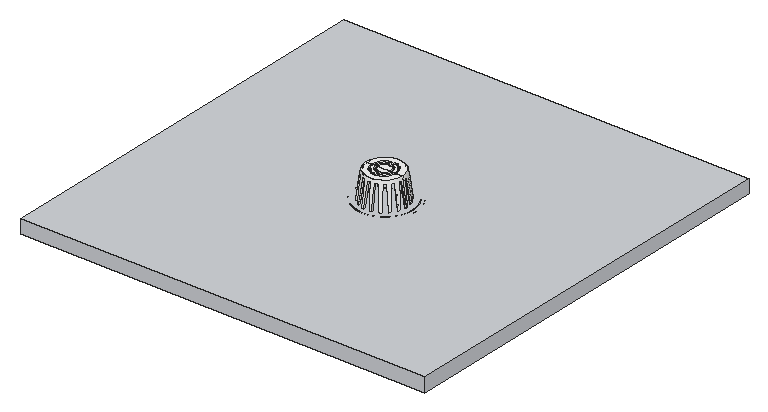
Revit family
Parameters (values of type "2"")
  WFU = 0
  URL = "WWW.MIFAB.COM"
  Top Assembly Diameter = 15.000"
  Pipe Radius = 1.000"
  Model = "F1820"
  Manufacturer = "MIFAB"
  Floor Drain Material = Paint - Sherwin Williams Paint - #952C2A - Bellwood Red
  Description = "LARGE FREE AREA PLANTING AREA DRAIN"
  Default Elevation = 0.000"
  Body Height = 6.125"
  Assembly Code = ""
Types (7): name | Pipe Radius | Body Height
  (no name) | 1.000" | 6.125"
  2" | 1.000" | 6.125"
  3" | 1.500" | 6.125"
  4" | 2.000" | 6.125"
  5" | 2.500" | 6.125"
  6" | 3.000" | 8.000"
  8" | 4.000" | 8.000"
Reference planes (in)
  plane 1 "Center (Front/Back)": y = 0
  plane 2: z = 0
  plane 3 "Center (Left/Right)": x = 0
  plane 4: x = -7.5
  plane 5: x = 7.5
  plane 6: z = -6.375
  plane 7: x = 1
  plane 8: x = -1
  plane 9: z = -4.875
  plane 10: z = -0.25
  plane 11: y = -7.5
  plane 12: y = 7.5
  plane 13: x = 4.1
  plane 14: x = -4.1
  plane 15: z = -1.25
  plane 16: z = 6.35
  plane 17: x = 6.75
  plane 18: x = -6.75
  plane 19: x = -5.25
  plane 20: x = 5.25
  plane 21: y = 0.8
  plane 22: y = -0.8
  plane 23: x = -8.5
Forms (in)
  Extrusion 1, solid
    sketch origin (0, 0, 0) x (1, 0, 0) y (0, 1, 0)
      loop
        line (-48, 48) -> (-48, -48) -> (48, -48) -> (48, 48) -> (-48, 48)
    from 0 to -3.24069
  Revolve 2, solid, material "Paint - Sherwin Williams Paint - #952C2A - Bellwood Red" <- "Floor Drain Material"
    sketch origin (0, 0, 0) x (1, 0, 0) y (0, 0, 1)
      loop
        line (6.75, 0) -> (3.98319, 0) -> (3.98319, -1.2944) -> (3.92466, -4.76487) -> (0.88988, -4.76487) -> (0.88988, -6.218) -> (0, -6.218) -> (0, -6.375) -> (1, -6.375) -> (1, -4.875) -> (4.03977, -4.875) -> (4.1, -1.25) -> (4.1, -0.5) -> (7.5, -0.5) -> (7.5, -0.25) -> (6.75, -0.25) -> (6.75, 0)
      axis (0, -6.375) -> (0, 0)
    angle from 0 to 360
  Revolve 3, solid, material "Paint - Sherwin Williams Paint - #952C2A - Bellwood Red" <- "Floor Drain Material"
    sketch origin (0, 0, 0) x (1, 0, 0) y (0, 0, 1)
      loop
        line (5.25, 0) -> (4.35757, 6.35) -> (0, 6.35) -> (0, 6.15315) -> (4.1707, 6.15315) -> (5.03547, 0) -> (5.25, 0)
      axis (0, 0) -> (0, 6.35)
    angle from 0 to 360
  Extrusion 4, void
    sketch origin (0, 0, 0) x (-0.939693, -0.34202, 0) y (0, 0, -1)
      loop
        arc (-0.38996, -5.43495) -> (0, -5.7508) -> (0.38996, -5.43495) r 0.39865
        line (0.38996, -5.43495) -> (0.64735, 0) -> (-0.64735, 0) -> (-0.38996, -5.43495)
    from 3.04184 to 5.72941
  Extrusion 5, void
    sketch origin (0, 0, 0) x (0.766044, 0.642788, 0) y (0, 0, 1)
      loop
        line (-0.38996, 5.43495) -> (-0.64735, 0) -> (0.64735, 0) -> (0.38996, 5.43495)
        arc (0.38996, 5.43495) -> (0, 5.7508) -> (-0.38996, 5.43495) r 0.39865
    from 3.04184 to 5.72941
  Extrusion 6, void
    sketch origin (0, 0, 0) x (0.173648, -0.984808, 0) y (0, 0, -1)
      loop
        arc (-0.38996, -5.43495) -> (0, -5.7508) -> (0.38996, -5.43495) r 0.39865
        line (0.38996, -5.43495) -> (0.64735, 0) -> (-0.64735, 0) -> (-0.38996, -5.43495)
    from 3.04184 to 5.72941
  Extrusion 7, void
    sketch origin (0, 0, 0) x (0.173648, 0.984808, 0) y (0, 0, 1)
      loop
        line (-0.38996, 5.43495) -> (-0.64735, 0) -> (0.64735, 0) -> (0.38996, 5.43495)
        arc (0.38996, 5.43495) -> (0, 5.7508) -> (-0.38996, 5.43495) r 0.39865
    from 3.04184 to 5.72941
  Extrusion 8, void
    sketch origin (0, 0, 0) x (-0.5, -0.866025, 0) y (0, 0, -1)
      loop
        arc (-0.38996, -5.43495) -> (0, -5.7508) -> (0.38996, -5.43495) r 0.39865
        line (0.38996, -5.43495) -> (0.64735, 0) -> (-0.64735, 0) -> (-0.38996, -5.43495)
    from 3.04184 to 5.72941
  Extrusion 9, void
    sketch origin (0, 0, 0) x (0.766044, 0.642788, 0) y (0, 0, -1)
      loop
        arc (-0.38996, -5.43495) -> (0, -5.7508) -> (0.38996, -5.43495) r 0.39865
        line (0.38996, -5.43495) -> (0.64735, 0) -> (-0.64735, 0) -> (-0.38996, -5.43495)
    from 3.04184 to 5.72941
  Extrusion 10, void
    sketch origin (0, 0, 0) x (-0.939693, -0.34202, 0) y (0, 0, 1)
      loop
        line (-0.38996, 5.43495) -> (-0.64735, 0) -> (0.64735, 0) -> (0.38996, 5.43495)
        arc (0.38996, 5.43495) -> (0, 5.7508) -> (-0.38996, 5.43495) r 0.39865
    from 3.04184 to 5.72941
  Extrusion 11, void
    sketch origin (0, 0, 0) x (-0.5, 0.866025, 0) y (0, 0, 1)
      loop
        line (-0.38996, 5.43495) -> (-0.64735, 0) -> (0.64735, 0) -> (0.38996, 5.43495)
        arc (0.38996, 5.43495) -> (0, 5.7508) -> (-0.38996, 5.43495) r 0.39865
    from 3.04184 to 5.72941
  Extrusion 12, void
    sketch origin (0, 0, 0) x (0.766044, -0.642788, 0) y (0, 0, -1)
      loop
        arc (-0.38996, -5.43495) -> (0, -5.7508) -> (0.38996, -5.43495) r 0.39865
        line (0.38996, -5.43495) -> (0.64735, 0) -> (-0.64735, 0) -> (-0.38996, -5.43495)
    from 3.04184 to 5.72941
  Extrusion 13, void
    sketch origin (0, 0, 0) x (-0.939693, 0.34202, 0) y (0, 0, 1)
      loop
        line (-0.38996, 5.43495) -> (-0.64735, 0) -> (0.64735, 0) -> (0.38996, 5.43495)
        arc (0.38996, 5.43495) -> (0, 5.7508) -> (-0.38996, 5.43495) r 0.39865
    from 3.04184 to 5.72941
  Extrusion 14, void
    sketch origin (0, 0, 0) x (-0.5, -0.866025, 0) y (0, 0, 1)
      loop
        line (-0.38996, 5.43495) -> (-0.64735, 0) -> (0.64735, 0) -> (0.38996, 5.43495)
        arc (0.38996, 5.43495) -> (0, 5.7508) -> (-0.38996, 5.43495) r 0.39865
    from 3.04184 to 5.72941
  Extrusion 15, void
    sketch origin (0, 0, 0) x (0.173648, 0.984808, 0) y (0, 0, -1)
      loop
        arc (-0.38996, -5.43495) -> (0, -5.7508) -> (0.38996, -5.43495) r 0.39865
        line (0.38996, -5.43495) -> (0.64735, 0) -> (-0.64735, 0) -> (-0.38996, -5.43495)
    from 3.04184 to 5.72941
  Extrusion 16, void
    sketch origin (0, 0, 0) x (-0.5, 0.866025, 0) y (0, 0, -1)
      loop
        arc (-0.38996, -5.43495) -> (0, -5.7508) -> (0.38996, -5.43495) r 0.39865
        line (0.38996, -5.43495) -> (0.64735, 0) -> (-0.64735, 0) -> (-0.38996, -5.43495)
    from 3.04184 to 5.72941
  Extrusion 17, void
    sketch origin (0, 0, 0) x (0.173648, -0.984808, 0) y (0, 0, 1)
      loop
        line (-0.38996, 5.43495) -> (-0.64735, 0) -> (0.64735, 0) -> (0.38996, 5.43495)
        arc (0.38996, 5.43495) -> (0, 5.7508) -> (-0.38996, 5.43495) r 0.39865
    from 3.04184 to 5.72941
  Extrusion 18, void
    sketch origin (0, 0, 0) x (0.766044, -0.642788, 0) y (0, 0, 1)
      loop
        line (-0.38996, 5.43495) -> (-0.64735, 0) -> (0.64735, 0) -> (0.38996, 5.43495)
        arc (0.38996, 5.43495) -> (0, 5.7508) -> (-0.38996, 5.43495) r 0.39865
    from 3.04184 to 5.72941
  Extrusion 19, void
    sketch origin (0, 0, 0) x (-0.939693, 0.34202, 0) y (0, 0, -1)
      loop
        arc (-0.38996, -5.43495) -> (0, -5.7508) -> (0.38996, -5.43495) r 0.39865
        line (0.38996, -5.43495) -> (0.64735, 0) -> (-0.64735, 0) -> (-0.38996, -5.43495)
    from 3.04184 to 5.72941
  Extrusion 20, void
    sketch origin (0, 0, 0) x (1, 0, 0) y (0, 1, 0)
      loop
        line (1.48984, 0.17431) -> (1.99239, 0.17431)
        arc (1.99239, 0.17431) -> (1.41421, 1.41421) -> (0.17431, 1.99239) r 2
        line (0.17431, 1.99239) -> (0.17431, 1.48984)
        arc (0.17431, 1.48984) -> (1.06066, 1.06066) -> (1.48984, 0.17431) r 1.5
      loop
        line (2.49392, 0.17431) -> (2.99493, 0.17431)
        arc (2.99493, 0.17431) -> (2.12132, 2.12132) -> (0.17431, 2.99493) r 3
        line (0.17431, 2.99493) -> (0.17431, 2.49392)
        arc (0.17431, 2.49392) -> (1.76777, 1.76777) -> (2.49392, 0.17431) r 2.5
      loop
        arc (-1.48984, 0.17431) -> (-1.06066, 1.06066) -> (-0.17431, 1.48984) r 1.5
        line (-0.17431, 1.48984) -> (-0.17431, 1.99239)
        arc (-0.17431, 1.99239) -> (-1.41421, 1.41421) -> (-1.99239, 0.17431) r 2
        line (-1.99239, 0.17431) -> (-1.48984, 0.17431)
      loop
        arc (-2.49392, 0.17431) -> (-1.76777, 1.76777) -> (-0.17431, 2.49392) r 2.5
        line (-0.17431, 2.49392) -> (-0.17431, 2.99493)
        arc (-0.17431, 2.99493) -> (-2.12132, 2.12132) -> (-2.99493, 0.17431) r 3
        line (-2.99493, 0.17431) -> (-2.49392, 0.17431)
      loop
        arc (1.48984, -0.17431) -> (1.06066, -1.06066) -> (0.17431, -1.48984) r 1.5
        line (0.17431, -1.48984) -> (0.17431, -1.99239)
        arc (0.17431, -1.99239) -> (1.41421, -1.41421) -> (1.99239, -0.17431) r 2
        line (1.99239, -0.17431) -> (1.48984, -0.17431)
      loop
        arc (2.49392, -0.17431) -> (1.76777, -1.76777) -> (0.17431, -2.49392) r 2.5
        line (0.17431, -2.49392) -> (0.17431, -2.99493)
        arc (0.17431, -2.99493) -> (2.12132, -2.12132) -> (2.99493, -0.17431) r 3
        line (2.99493, -0.17431) -> (2.49392, -0.17431)
      loop
        line (-1.48984, -0.17431) -> (-1.99239, -0.17431)
        arc (-1.99239, -0.17431) -> (-1.41421, -1.41421) -> (-0.17431, -1.99239) r 2
        line (-0.17431, -1.99239) -> (-0.17431, -1.48984)
        arc (-0.17431, -1.48984) -> (-1.06066, -1.06066) -> (-1.48984, -0.17431) r 1.5
      loop
        line (-2.49392, -0.17431) -> (-2.99493, -0.17431)
        arc (-2.99493, -0.17431) -> (-2.12132, -2.12132) -> (-0.17431, -2.99493) r 3
        line (-0.17431, -2.99493) -> (-0.17431, -2.49392)
        arc (-0.17431, -2.49392) -> (-1.76777, -1.76777) -> (-2.49392, -0.17431) r 2.5
    from 6.15315 to 6.35
  Extrusion 21, void
    sketch origin (0, 0, 0) x (-1, 0, 0) y (0, 0, -1)
      loop
        arc (-0.38996, -5.43495) -> (0, -5.7508) -> (0.38996, -5.43495) r 0.39865
        line (0.38996, -5.43495) -> (0.64735, 0) -> (-0.64735, 0) -> (-0.38996, -5.43495)
    from 3.04184 to 5.72941
  Extrusion 22, void
    sketch origin (0, 0, 0) x (-1, 0, 0) y (0, 0, 1)
      loop
        line (-0.38996, 5.43495) -> (-0.64735, 0) -> (0.64735, 0) -> (0.38996, 5.43495)
        arc (0.38996, 5.43495) -> (0, 5.7508) -> (-0.38996, 5.43495) r 0.39865
    from 3.04184 to 5.72941
Cuts and joins
  Extrusion 4, Extrusion 5, Extrusion 6, Extrusion 7, Extrusion 8, Extrusion 9, Extrusion 10, Extrusion 11, Extrusion 12, Extrusion 13, Extrusion 14, Extrusion 15, Extrusion 16, Extrusion 17, Extrusion 18, Extrusion 19, Extrusion 20, Extrusion 21, Extrusion 22 cuts Revolve 3
  Extrusion 20, Extrusion 21, Extrusion 22 cuts Revolve 2
Lines and regions (in)
  symbolic lines
    curve 1: circle (0, 0, 0) r 6.75 normal (0, 0, 1)
    curve 2: circle (0, 0, 0) r 4.35757 normal (0, 0, 1)
Dimensions and locks (in)
  "Top Assembly Diameter": plane 4 to plane 5
  "Body Height": plane 10 to plane 6
  equal spacing: plane 5, plane 3 "Center (Left/Right)", plane 4
  equal spacing: plane 8, plane 3 "Center (Left/Right)", plane 7
  "Pipe Radius": plane 7 to plane 3 "Center (Left/Right)"
  locked: Revolve 2 sketch curve to plane 6 at 0.157
  locked: plane 9 to plane 6 at 1.5
  equal spacing: plane 12, plane 1 "Center (Front/Back)", plane 11
  "Top Assembly Diameter": plane 12 to plane 11
  equal spacing: plane 4, plane 3 "Center (Left/Right)", plane 5
  locked: level to plane 10 at 0.25
  equal spacing: plane 14, plane 3 "Center (Left/Right)", plane 13
  locked: plane 14 to plane 13 at 8.2
  locked: plane 10 to plane 15 at 1
  locked: plane 13 to Revolve 2 sketch curve at 0.11681
  Revolve 2 sketch curve to Revolve 2 sketch curve to plane 3 "Center (Left/Right)" = 0.11511" locked, 3.92466" locked
  locked: plane 7 to Revolve 2 sketch curve at 0.11013
  plane 16 to plane 10 = 6.600"
  equal spacing: plane 18, plane 3 "Center (Left/Right)", plane 17
  plane 18 to plane 17 = 13.500"
  plane 5 to plane 4 = 15.000"
  equal spacing: plane 19, plane 3 "Center (Left/Right)", plane 20
  plane 19 to plane 20 = 10.500"
  locked: plane 16 to Revolve 3 sketch curve at 0.19685
  locked: Revolve 3 sketch curve to Revolve 3 sketch curve at 0.21244
  plane 23 to plane 3 "Center (Left/Right)" = 8.500"
  equal spacing: plane 21, plane 1 "Center (Front/Back)", plane 22
  plane 21 to plane 22 = 1.600"
  radius of Extrusion 20 sketch curve = 3.000"  (x4)
  radius of Extrusion 20 sketch curve = 2.500"  (x4)
  radius of Extrusion 20 sketch curve = 2.000"  (x4)
  radius of Extrusion 20 sketch curve = 1.500"  (x4)
  aligned and locked: plane 2 to Extrusion 1
  aligned and locked: level to Extrusion 1
  aligned and locked: Revolve 2 sketch curve to plane 6
  aligned and locked: plane 3 "Center (Left/Right)" to Revolve 2 sketch curve
  aligned and locked: Revolve 2 sketch curve to plane 9
  aligned and locked: Revolve 2 sketch curve to plane 10
  aligned and locked: Revolve 2 sketch curve to plane 5
  aligned and locked: plane 7 to Revolve 2 sketch curve
  aligned and locked: Revolve 2 sketch curve to plane 15
  aligned and locked: plane 13 to Revolve 2 sketch curve
  aligned and locked: Revolve 2 sketch curve to plane 17
  aligned and locked: plane 3 "Center (Left/Right)" to Revolve 3 sketch curve
  aligned and locked: Revolve 3 sketch curve to level
  aligned and locked: level to Revolve 3 sketch curve
  aligned and locked: plane 20 to Revolve 3 sketch curve
  aligned and locked: plane 16 to Revolve 3 sketch curve
  aligned and locked: Revolve 3 sketch curve to plane 3 "Center (Left/Right)"
  aligned and locked: Revolve 2 sketch curve to level
  aligned and locked: plane 16 to Extrusion 20
  aligned and locked: Extrusion 20 to cut or joined group of Revolve 3, Extrusion 4, Extrusion 5, Extrusion 6, Extrusion 7, Extrusion 8, Extrusion 9, Extrusion 10, Extrusion 11, Extrusion 12, Extrusion 13, Extrusion 14, Extrusion 15, Extrusion 16, Extrusion 17, Extrusion 18, Extrusion 19, Extrusion 20, Extrusion 21, Extrusion 22
Automatic sketch dimensions
  Extrusion 1 sketch curve to Extrusion 1 sketch curve = 96.000"  (x2)
  plane 13 to Revolve 3 sketch curve = 0.0707"
  Revolve 3 sketch curve to Revolve 3 sketch curve = 6.000"
  Revolve 3 sketch curve to Revolve 3 sketch curve = 2.000"
  Extrusion 4 sketch curve to level = 0.000"
  Extrusion 4 sketch curve to plane 16 = 0.91505"
  Extrusion 4 sketch curve to Extrusion 4 sketch curve = 0.25739"
  Extrusion 4 sketch curve to Extrusion 4 sketch curve = 0.38996"  (x2)
  Extrusion 4 sketch curve to Extrusion 4 sketch curve = 1.2947"
  Extrusion 4 sketch curve to Extrusion 4 sketch curve = 0.0828"
  Extrusion 5 sketch curve to level = 0.000"
  Extrusion 5 sketch curve to plane 16 = 0.91505"
  Extrusion 5 sketch curve to Extrusion 5 sketch curve = 0.25739"
  Extrusion 5 sketch curve to Extrusion 5 sketch curve = 0.38996"  (x2)
  Extrusion 5 sketch curve to Extrusion 5 sketch curve = 1.2947"
  Extrusion 5 sketch curve to Extrusion 5 sketch curve = 0.0828"
  level to Extrusion 6 sketch curve = 0.000"
  Extrusion 6 sketch curve to plane 16 = 0.91505"
  Extrusion 6 sketch curve to Extrusion 6 sketch curve = 0.25739"
  Extrusion 6 sketch curve to Extrusion 6 sketch curve = 0.38996"  (x2)
  Extrusion 6 sketch curve to Extrusion 6 sketch curve = 1.2947"
  Extrusion 6 sketch curve to Extrusion 6 sketch curve = 0.0828"
  Extrusion 7 sketch curve to level = 0.000"
  Extrusion 7 sketch curve to plane 16 = 0.91505"
  Extrusion 7 sketch curve to Extrusion 7 sketch curve = 0.25739"
  Extrusion 7 sketch curve to Extrusion 7 sketch curve = 0.38996"  (x2)
  Extrusion 7 sketch curve to Extrusion 7 sketch curve = 1.2947"
  Extrusion 7 sketch curve to Extrusion 7 sketch curve = 0.0828"
  Extrusion 8 sketch curve to level = 0.000"
  Extrusion 8 sketch curve to plane 16 = 0.91505"
  Extrusion 8 sketch curve to Extrusion 8 sketch curve = 0.25739"
  Extrusion 8 sketch curve to Extrusion 8 sketch curve = 0.38996"  (x2)
  Extrusion 8 sketch curve to Extrusion 8 sketch curve = 1.2947"
  Extrusion 8 sketch curve to Extrusion 8 sketch curve = 0.0828"
  level to Extrusion 9 sketch curve = 0.000"
  Extrusion 9 sketch curve to plane 16 = 0.91505"
  Extrusion 9 sketch curve to Extrusion 9 sketch curve = 0.25739"
  Extrusion 9 sketch curve to Extrusion 9 sketch curve = 0.38996"  (x2)
  Extrusion 9 sketch curve to Extrusion 9 sketch curve = 1.2947"
  Extrusion 9 sketch curve to Extrusion 9 sketch curve = 0.0828"
  level to Extrusion 10 sketch curve = 0.000"
  Extrusion 10 sketch curve to plane 16 = 0.91505"
  Extrusion 10 sketch curve to Extrusion 10 sketch curve = 0.25739"
  Extrusion 10 sketch curve to Extrusion 10 sketch curve = 0.38996"  (x2)
  Extrusion 10 sketch curve to Extrusion 10 sketch curve = 1.2947"
  Extrusion 10 sketch curve to Extrusion 10 sketch curve = 0.0828"
  level to Extrusion 11 sketch curve = 0.000"
  Extrusion 11 sketch curve to plane 16 = 0.91505"
  Extrusion 11 sketch curve to Extrusion 11 sketch curve = 0.25739"
  Extrusion 11 sketch curve to Extrusion 11 sketch curve = 0.38996"  (x2)
  Extrusion 11 sketch curve to Extrusion 11 sketch curve = 1.2947"
  Extrusion 11 sketch curve to Extrusion 11 sketch curve = 0.0828"
  level to Extrusion 12 sketch curve = 0.000"
  Extrusion 12 sketch curve to plane 16 = 0.91505"
  Extrusion 12 sketch curve to Extrusion 12 sketch curve = 0.25739"
  Extrusion 12 sketch curve to Extrusion 12 sketch curve = 0.38996"  (x2)
  Extrusion 12 sketch curve to Extrusion 12 sketch curve = 1.2947"
  Extrusion 12 sketch curve to Extrusion 12 sketch curve = 0.0828"
  level to Extrusion 13 sketch curve = 0.000"
  Extrusion 13 sketch curve to plane 16 = 0.91505"
  Extrusion 13 sketch curve to Extrusion 13 sketch curve = 0.25739"
  Extrusion 13 sketch curve to Extrusion 13 sketch curve = 0.38996"  (x2)
  Extrusion 13 sketch curve to Extrusion 13 sketch curve = 1.2947"
  Extrusion 13 sketch curve to Extrusion 13 sketch curve = 0.0828"
  level to Extrusion 14 sketch curve = 0.000"
  Extrusion 14 sketch curve to plane 16 = 0.91505"
  Extrusion 14 sketch curve to Extrusion 14 sketch curve = 0.25739"
  Extrusion 14 sketch curve to Extrusion 14 sketch curve = 0.38996"  (x2)
  Extrusion 14 sketch curve to Extrusion 14 sketch curve = 1.2947"
  Extrusion 14 sketch curve to Extrusion 14 sketch curve = 0.0828"
  level to Extrusion 15 sketch curve = 0.000"
  Extrusion 15 sketch curve to plane 16 = 0.91505"
  Extrusion 15 sketch curve to Extrusion 15 sketch curve = 0.25739"
  Extrusion 15 sketch curve to Extrusion 15 sketch curve = 0.38996"  (x2)
  Extrusion 15 sketch curve to Extrusion 15 sketch curve = 1.2947"
  Extrusion 15 sketch curve to Extrusion 15 sketch curve = 0.0828"
  Extrusion 16 sketch curve to level = 0.000"
  Extrusion 16 sketch curve to plane 16 = 0.91505"
  Extrusion 16 sketch curve to Extrusion 16 sketch curve = 0.25739"
  Extrusion 16 sketch curve to Extrusion 16 sketch curve = 0.38996"  (x2)
  Extrusion 16 sketch curve to Extrusion 16 sketch curve = 1.2947"
  Extrusion 16 sketch curve to Extrusion 16 sketch curve = 0.0828"
  Extrusion 17 sketch curve to level = 0.000"
  Extrusion 17 sketch curve to plane 16 = 0.91505"
  Extrusion 17 sketch curve to Extrusion 17 sketch curve = 0.25739"
  Extrusion 17 sketch curve to Extrusion 17 sketch curve = 0.38996"  (x2)
  Extrusion 17 sketch curve to Extrusion 17 sketch curve = 1.2947"
  Extrusion 17 sketch curve to Extrusion 17 sketch curve = 0.0828"
  Extrusion 18 sketch curve to level = 0.000"
  Extrusion 18 sketch curve to plane 16 = 0.91505"
  Extrusion 18 sketch curve to Extrusion 18 sketch curve = 0.25739"
  Extrusion 18 sketch curve to Extrusion 18 sketch curve = 0.38996"  (x2)
  Extrusion 18 sketch curve to Extrusion 18 sketch curve = 1.2947"
  Extrusion 18 sketch curve to Extrusion 18 sketch curve = 0.0828"
  Extrusion 19 sketch curve to level = 0.000"
  Extrusion 19 sketch curve to plane 16 = 0.91505"
  Extrusion 19 sketch curve to Extrusion 19 sketch curve = 0.25739"
  Extrusion 19 sketch curve to Extrusion 19 sketch curve = 0.38996"  (x2)
  Extrusion 19 sketch curve to Extrusion 19 sketch curve = 1.2947"
  Extrusion 19 sketch curve to Extrusion 19 sketch curve = 0.0828"
  Revolve 2 sketch curve to plane 3 "Center (Left/Right)" = 0.000"
  plane 9 to Revolve 2 sketch curve = 0.11013"
  Revolve 2 sketch curve to plane 15 = 0.0444"
  Revolve 2 sketch curve to plane 10 = 0.250"
  level to Revolve 2 sketch curve = 1.000"
  Revolve 2 sketch curve to plane 16 = 1.550"
  Extrusion 20 sketch curve to Extrusion 20 sketch curve = 0.000"  (x240)
  plane 1 "Center (Front/Back)" to Extrusion 20 sketch curve = 0.000"
  Extrusion 20 sketch curve to plane 3 "Center (Left/Right)" = 0.000"
  Extrusion 20 sketch curve to plane 3 "Center (Left/Right)" = 0.17431"  (x4)
  plane 1 "Center (Front/Back)" to Extrusion 20 sketch curve = 0.17431"  (x4)
  Extrusion 20 sketch curve to plane 1 "Center (Front/Back)" = 0.17431"  (x4)
  plane 3 "Center (Left/Right)" to Extrusion 20 sketch curve = 0.17431"  (x4)
  Extrusion 21 sketch curve to level = 0.000"
  Extrusion 21 sketch curve to plane 3 "Center (Left/Right)" = 0.000"
  plane 3 "Center (Left/Right)" to Extrusion 21 sketch curve = 0.38996"
  plane 3 "Center (Left/Right)" to Extrusion 21 sketch curve = 0.64735"
  Extrusion 21 sketch curve to plane 3 "Center (Left/Right)" = 0.38996"
  Extrusion 21 sketch curve to plane 3 "Center (Left/Right)" = 0.64735"
  Extrusion 21 sketch curve to plane 16 = 0.99785"
  Extrusion 21 sketch curve to Extrusion 21 sketch curve = 0.0828"
  Extrusion 22 sketch curve to level = 0.000"
  Extrusion 22 sketch curve to plane 3 "Center (Left/Right)" = 0.000"
  plane 3 "Center (Left/Right)" to Extrusion 22 sketch curve = 0.38996"
  plane 3 "Center (Left/Right)" to Extrusion 22 sketch curve = 0.64735"
  Extrusion 22 sketch curve to plane 3 "Center (Left/Right)" = 0.38996"
  Extrusion 22 sketch curve to plane 3 "Center (Left/Right)" = 0.64735"
  Extrusion 22 sketch curve to plane 16 = 0.99785"
  Extrusion 22 sketch curve to Extrusion 22 sketch curve = 0.0828"
  curve 1 to curve 2 = 0.000"  (x2)
  plane 1 "Center (Front/Back)" to curve 2 = 0.000"
  curve 2 to plane 3 "Center (Left/Right)" = 0.000"
  radius of curve 1 = 6.750"
  radius of curve 2 = 4.35757"
Connectors (in)
  piping at (0, 0, -6.375), driven by "Pipe Radius", driven by "WFU"
    settings: on Revolve 2, index 1, connector radius 1", flow factor 0, pipe flow 0 GPM, pressure drop 0.00 psi, fitting loss kfactor 0, connector angle 0.00°, fixture units 0, flow configuration 3, flow direction 2, fitting loss method 0, system type 16, connector reference index -1, connector utility 0, adjustable connector no, is connector primary yes, fitting loss table "", connector description "Sanitary Out"
